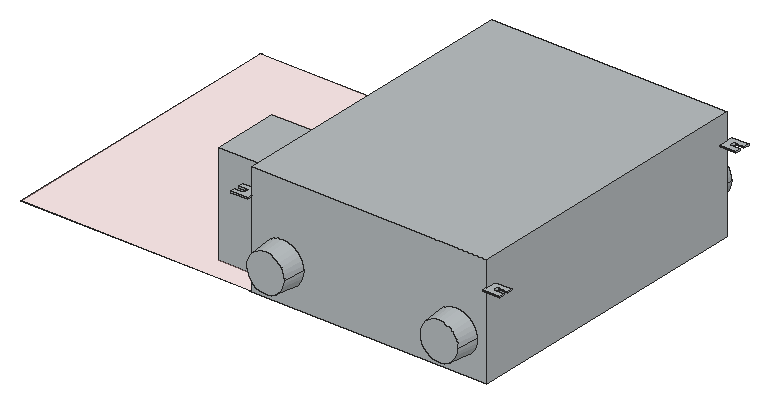
Revit family "3DCAD_LGH-15_100RVX3-E", category 機械設備, Revit 2018
Family settings
  丸型コネクタ寸法 = 直径を使用
  パーツ タイプ = 標準
  OmniClass 番号 = 23.75.00.00
  OmniClass タイトル = Climate Control (HVAC)
  作業面ベース = いいえ
  常に垂直 = はい
  ロード時にボイドで切り取り = いいえ
  共有 = いいえ
  部屋計算ポイント = いいえ
Parameters (values of type "LGH-15RVX3-E_50Hz")
  説明 = "LOSSNAY"
  製造元 = "Mitsubishi Electric Corporation"
  モデル = "LGH-15RVX3-E"
  W = 610 mm
  Upper Unit-LEG Distance = 65 mm
  Weight = 20.00 kg
  URL = "http://global.mitsubishielectric.com/"
  Space View = yes
  Mounting pitch 1 = 658 mm
  Mounting pitch 2 = 768 mm
  Hertz = 50.0 Hz
  H = 289 mm
  Electrical power supply = "220-240 V"
  Distance of Center Height and Air pipes = 50 mm
  Distance of Air pipes = 450 mm
  D = 780 mm
  Center Height = H / 2  # 144.5 mm
  Box_W = 36.7 mm
  Box_H = 10.7 mm
  Air pipe_diameter 2 = 110 mm
  Air pipe_diameter 1 = 97.5 mm
  Air pipe_Length = 54 mm
Types (14, lengths in mm): name | モデル | W | Upper Unit-LEG Distance | Weight | Mounting pitch 1 | Mounting pitch 2 | Hertz | H | Electrical power supply | Distance of Center Height and Air pipes | Distance of Air pipes | D | Center Height | Box_W | Box_H | Air pipe_diameter 2 | Air pipe_diameter 1 | Air pipe_Length
  LGH-15RVX3-E_50Hz | "LGH-15RVX3-E" | 610 | 65 | 20.00 kg | 658 | 768 | 50.0 Hz | 289 | "220-240 V" | 50 | 450 | 780 | 144.5 | 36.7 | 10.7 | 110 | 97.5 | 54
  LGH-25RVX3-E_50Hz | "LGH-25RVX3-E" | 735 | 65 | 22.00 kg | 782 | 768 | 50.0 Hz | 289 | "220-240 V" | 30 | 530 | 780 | 144.5 | 36.6 | 10.7 | 160 | 142 | 64
  LGH-35RVX3-E_50Hz | "LGH-35RVX3-E" | 874 | 85 | 30.00 kg | 921 | 875 | 50.0 Hz | 331 | "220-240 V" | 55 | 650 | 888 | 165.5 | 70.7 | 54.5 | 160 | 142 | 64
  LGH-50RVX3-E_50Hz | "LGH-50RVX3-E" | 1016 | 85 | 33.00 kg | 1063 | 875 | 50.0 Hz | 331 | "220-240 V" | 30 | 745 | 888 | 165.5 | 70.7 | 54.5 | 208 | 192 | 79
  LGH-65RVX3-E_50Hz | "LGH-65RVX3-E" | 954 | 70 | 41.00 kg | 1001 | 895 | 50.0 Hz | 404 | "220-240 V" | 40 | 692 | 908 | 202 | 53.5 | 86.9 | 208 | 192 | 79
  LGH-80RVX3-E_50Hz | "LGH-80RVX3-E" | 1004 | 77 | 47.00 kg | 1051 | 1131 | 50.0 Hz | 404 | "220-240 V" | 40 | 690 | 1144 | 202 | 109.7 | 96.3 | 258 | 242 | 79
  LGH-100RVX3-E_50Hz | "LGH-100RVX3-E" | 1231 | 77 | 53.00 kg | 1278 | 1131 | 50.0 Hz | 404 | "220-240 V" | 40 | 917 | 1144 | 202 | 109.7 | 96.3 | 258 | 242 | 79
  LGH-15RVX3-E_60Hz | "LGH-15RVX3-E" | 610 | 65 | 20.00 kg | 658 | 768 | 60.0 Hz | 289 | "220 V" | 50 | 450 | 780 | 144.5 | 36.7 | 10.7 | 110 | 97.5 | 54
  LGH-25RVX3-E_60Hz | "LGH-25RVX3-E" | 735 | 65 | 22.00 kg | 782 | 768 | 60.0 Hz | 289 | "220 V" | 30 | 530 | 780 | 144.5 | 36.6 | 10.7 | 160 | 142 | 64
  LGH-35RVX3-E_60Hz | "LGH-35RVX3-E" | 874 | 85 | 30.00 kg | 921 | 875 | 60.0 Hz | 331 | "220 V" | 55 | 650 | 888 | 165.5 | 70.7 | 54.5 | 160 | 142 | 64
  LGH-50RVX3-E_60Hz | "LGH-50RVX3-E" | 1016 | 85 | 33.00 kg | 1063 | 875 | 60.0 Hz | 331 | "220 V" | 30 | 745 | 888 | 165.5 | 70.7 | 54.5 | 208 | 192 | 79
  LGH-65RVX3-E_60Hz | "LGH-65RVX3-E" | 954 | 70 | 41.00 kg | 1001 | 895 | 60.0 Hz | 404 | "220 V" | 40 | 692 | 908 | 202 | 53.5 | 86.9 | 208 | 192 | 79
  LGH-80RVX3-E_60Hz | "LGH-80RVX3-E" | 1004 | 77 | 47.00 kg | 1051 | 1131 | 60.0 Hz | 404 | "220 V" | 40 | 690 | 1144 | 202 | 109.7 | 96.3 | 258 | 242 | 79
  LGH-100RVX3-E_60Hz | "LGH-100RVX3-E" | 1231 | 77 | 53.00 kg | 1278 | 1131 | 60.0 Hz | 404 | "220 V" | 40 | 917 | 1144 | 202 | 109.7 | 96.3 | 258 | 242 | 79
Reference planes
  plane 1 "中心(正面/背面)": y = 0
  plane 2: z = 0
  plane 3 "中心(左/右)": x = 0
  plane 4: x = -305
  plane 5: x = 305
  plane 6: y = 390
  plane 7: y = -390
  plane 8: x = -225
  plane 9: x = 225
  plane 10: z = 289
  plane 11: z = 94.5
  plane 12: z = 144.5
  plane 13: y = 384
  plane 14: y = -384
  plane 15: x = 329
  plane 16: x = -329
  plane 17: z = 224
  plane 18: y = -178.9
  plane 19: y = -353.3
  plane 20: z = 278.3
  plane 21: z = 16.7
  plane 22: x = -905
  plane 23: y = 444
  plane 24: y = -444
  plane 25: x = -420
  plane 26: z = 221
Forms (mm)
  Extrusion 1, solid, material "Plated steel"
    sketch origin (0, 0, 0) x (1, 0, 0) y (0, 1, 0)
      loop
        line (-305, 390) -> (-305, -390) -> (305, -390) -> (305, 390) -> (-305, 390)
    from 0 to 289 <- "H"
  Extrusion 2, solid, material "Service space", visible <- "Space View"
    sketch origin (0, 0, 0) x (1, 0, 0) y (0, 1, 0)
      loop
        line (-905, 390) -> (-905, -390) -> (-305, -390) -> (-305, 390) -> (-905, 390)
    from 0 to -1
  Blend 3, solid, material "Plated steel"
    base sketch origin (0, 0, 0) x (1, 0, 0) y (0, 0, 1)
      loop
        circle (-225, 94.5) r 55
    top sketch origin (0, 0, 0) x (1, 0, 0) y (0, 0, 1)
      loop
        circle (-225, 94.5) r 48.75
    from -390 to -444
  Blend 4, solid, material "Plated steel"
    base sketch origin (0, 0, 0) x (1, 0, 0) y (0, 0, 1)
      loop
        circle (-225, 94.5) r 55
    top sketch origin (0, 0, 0) x (1, 0, 0) y (0, 0, 1)
      loop
        circle (-225, 94.5) r 48.75
    from 390 to 444
  Blend 5, solid, material "Plated steel"
    base sketch origin (0, 0, 0) x (1, 0, 0) y (0, 0, 1)
      loop
        circle (225, 94.5) r 55
    top sketch origin (0, 0, 0) x (1, 0, 0) y (0, 0, 1)
      loop
        circle (225, 94.5) r 48.75
    from -390 to -444
  Blend 6, solid, material "Plated steel"
    base sketch origin (0, 0, 0) x (1, 0, 0) y (0, 0, 1)
      loop
        circle (225, 94.5) r 55
    top sketch origin (0, 0, 0) x (1, 0, 0) y (0, 0, 1)
      loop
        circle (225, 94.5) r 48.75
    from 390 to 444
  Extrusion 7, solid, material "Plated steel"
    sketch origin (0, 0, 0) x (0, 1, 0) y (0, 0, 1)
      loop
        line (-178.9, 278.3) -> (-353.3, 278.3) -> (-353.3, 16.7) -> (-178.9, 16.7) -> (-178.9, 278.3)
    from -420 to -305
  Extrusion 8, solid, material "Plated steel"
    sketch origin (0, 0, 0) x (1, 0, 0) y (0, 1, 0)
      loop
        line (329, -377) -> (349, -377) -> (349, -363.5) -> (305, -363.5) -> (305, -403.5) -> (349, -403.5) -> (349, -390) -> (329, -390)
        arc (329, -390) -> (322.5, -383.5) -> (329, -377) r 6.5
    from 224 to 221
  Extrusion 9, solid, material "Plated steel"
    sketch origin (0, 0, 0) x (1, 0, 0) y (0, 1, 0)
      loop
        line (329, 390.5) -> (349, 390.5) -> (349, 404) -> (305, 404) -> (305, 364) -> (349, 364) -> (349, 377.5) -> (329, 377.5)
        arc (329, 377.5) -> (322.5, 384) -> (329, 390.5) r 6.5
    from 221 to 224
  Extrusion 10, solid, material "Plated steel"
    sketch origin (0, 0, 0) x (-1, 0, 0) y (0, -1, 0)
      loop
        arc (329, 377) -> (322.5, 383.5) -> (329, 390) r 6.5
        line (329, 390) -> (349, 390) -> (349, 403.5) -> (305, 403.5) -> (305, 363.5) -> (349, 363.5) -> (349, 377) -> (329, 377)
    from 224 to 221
  Extrusion 11, solid, material "Plated steel"
    sketch origin (0, 0, 0) x (-1, 0, 0) y (0, -1, 0)
      loop
        arc (329, -390.5) -> (322.5, -384) -> (329, -377.5) r 6.5
        line (329, -377.5) -> (349, -377.5) -> (349, -364) -> (305, -364) -> (305, -404) -> (349, -404) -> (349, -390.5) -> (329, -390.5)
    from 221 to 224
Dimensions and locks
  "W": plane 4 to plane 5
  equal spacing: plane 4, plane 3 "中心(左/右)", plane 5
  "D": plane 6 to plane 7
  equal spacing: plane 6, plane 1 "中心(正面/背面)", plane 7
  "H": plane 10 to level
  equal spacing: plane 10, plane 12, level
  equal spacing: plane 9, plane 3 "中心(左/右)", plane 8
  "Distance of Air pipes": plane 9 to plane 8
  equal spacing: plane 16, plane 3 "中心(左/右)", plane 15
  "Mounting pitch 1": plane 16 to plane 15
  equal spacing: plane 13, plane 1 "中心(正面/背面)", plane 14
  "Mounting pitch 2": plane 13 to plane 14
  "Upper Unit-LEG Distance": plane 10 to plane 17
  "Air pipe_Length": plane 24 to plane 7
  "Air pipe_Length": plane 23 to plane 6
  "Box_W": plane 19 to plane 7
  locked: plane 18 to plane 19 at 174.4
  locked: plane 20 to plane 21 at 261.6
  "Box_H": plane 10 to plane 20
  locked: plane 25 to plane 4 at 115
  locked: plane 22 to plane 4 at 600
  plane 15 to Extrusion 8 sketch curve = 20 mm
  Extrusion 8 sketch curve to Extrusion 8 sketch curve = 40 mm
  locked: plane 17 to plane 26 at 3
  Extrusion 10 sketch curve to Extrusion 10 sketch curve = 40 mm
  Extrusion 10 sketch curve to plane 16 = 20 mm
  "Distance of Center Height and Air pipes": plane 12 to plane 11
  Extrusion 9 sketch curve to Extrusion 9 sketch curve = 40 mm
  plane 15 to Extrusion 9 sketch curve = 20 mm
  Extrusion 11 sketch curve to Extrusion 11 sketch curve = 40 mm
  Extrusion 11 sketch curve to plane 16 = 20 mm
  "Air pipe_diameter 2": diameter of Blend 3 sketch curve
  "Air pipe_diameter 1": diameter of Blend 3 sketch curve
  "Air pipe_diameter 2": diameter of Blend 4 sketch curve
  "Air pipe_diameter 1": diameter of Blend 4 sketch curve
  "Air pipe_diameter 2": diameter of Blend 5 sketch curve
  "Air pipe_diameter 1": diameter of Blend 5 sketch curve
  "Air pipe_diameter 2": diameter of Blend 6 sketch curve
  "Air pipe_diameter 1": diameter of Blend 6 sketch curve
  radius of Extrusion 8 sketch curve = 6.5 mm
  radius of Extrusion 10 sketch curve = 6.5 mm
  radius of Extrusion 9 sketch curve = 6.5 mm
  radius of Extrusion 11 sketch curve = 6.5 mm
  aligned and locked: level to plane 2
  aligned and locked: plane 24 to Blend 4
  aligned and locked: plane 7 to Blend 4
  aligned and locked: plane 23 to Blend 3
  aligned and locked: Blend 3 to plane 6
  aligned and locked: plane 24 to Blend 6
  aligned and locked: plane 7 to Blend 6
  aligned and locked: plane 23 to Blend 5
  aligned and locked: Blend 5 to plane 6
  aligned and locked: plane 20 to Extrusion 7 sketch curve
  aligned and locked: Extrusion 7 sketch curve to plane 18
  aligned and locked: Extrusion 7 sketch curve to plane 21
  aligned and locked: plane 19 to Extrusion 7 sketch curve
  aligned and locked: Extrusion 7 to plane 25
  aligned and locked: plane 4 to Extrusion 7
  aligned and locked: Extrusion 8 sketch curve to plane 5
  aligned and locked: plane 17 to Extrusion 8
  aligned and locked: plane 26 to Extrusion 8
  aligned and locked: plane 17 to Extrusion 9
  aligned and locked: plane 26 to Extrusion 9
  aligned and locked: Extrusion 10 sketch curve to plane 4
  aligned and locked: plane 17 to Extrusion 10
  aligned and locked: plane 26 to Extrusion 10
  aligned and locked: plane 15 to Extrusion 9 sketch curve
  aligned and locked: plane 5 to Extrusion 9 sketch curve
  aligned and locked: plane 4 to Extrusion 11 sketch curve
  aligned and locked: plane 17 to Extrusion 11
  aligned and locked: plane 26 to Extrusion 11
Automatic sketch dimensions
  Extrusion 1 sketch curve to plane 4 = 0 mm
  Extrusion 1 sketch curve to plane 5 = 0 mm
  Extrusion 1 sketch curve to plane 7 = 0 mm
  Extrusion 1 sketch curve to plane 6 = 0 mm
  Extrusion 2 sketch curve to plane 7 = 0 mm
  Extrusion 2 sketch curve to plane 22 = 0 mm
  Extrusion 2 sketch curve to plane 4 = 0 mm
  Extrusion 2 sketch curve to plane 6 = 0 mm
  plane 8 to Blend 3 sketch curve = 0 mm  (x2)
  Blend 3 sketch curve to plane 11 = 0 mm  (x2)
  plane 8 to Blend 4 sketch curve = 0 mm  (x2)
  Blend 4 sketch curve to plane 11 = 0 mm  (x2)
  plane 9 to Blend 5 sketch curve = 0 mm  (x2)
  Blend 5 sketch curve to plane 11 = 0 mm  (x2)
  plane 9 to Blend 6 sketch curve = 0 mm  (x2)
  Blend 6 sketch curve to plane 11 = 0 mm  (x2)
  Extrusion 8 sketch curve to plane 15 = 0 mm
  Extrusion 8 sketch curve to plane 7 = 0 mm
  plane 15 to Extrusion 8 sketch curve = 20 mm
  Extrusion 8 sketch curve to plane 7 = 13.5 mm
  Extrusion 9 sketch curve to plane 13 = 0 mm
  Extrusion 9 sketch curve to plane 15 = 20 mm
  Extrusion 9 sketch curve to plane 6 = 14 mm
  Extrusion 10 sketch curve to plane 16 = 0 mm
  Extrusion 10 sketch curve to plane 7 = 0 mm
  plane 16 to Extrusion 10 sketch curve = 20 mm
  plane 7 to Extrusion 10 sketch curve = 13.5 mm
  Extrusion 11 sketch curve to plane 16 = 0 mm
  Extrusion 11 sketch curve to plane 13 = 0 mm
  Extrusion 11 sketch curve to plane 16 = 20 mm
  plane 6 to Extrusion 11 sketch curve = 14 mm
Connectors
  hvac at (-225, -444, 94.5), driven by "Air pipe_diameter 1"
    settings: on Blend 4, index 1, duct flow 0.0 L/s, flow factor 0, pres drop 0.0 Pa, loss coef 0, conn angle 0.00°, conn width 304.8 mm, conn height 304.8 mm, conn diameter 97.5 mm, duct sys type 1, conn prof type 0, flow config 0, flow direction 2, loss method 4, conn ref index -1, conn util no, is conn primary yes, conn desc ""
  hvac at (225, -444, 94.5), driven by "Air pipe_diameter 1"
    settings: on Blend 6, index 2, duct flow 0.0 L/s, flow factor 0, pres drop 0.0 Pa, loss coef 0, conn angle 0.00°, conn width 304.8 mm, conn height 304.8 mm, conn diameter 97.5 mm, duct sys type 2, conn prof type 0, flow config 0, flow direction 1, loss method 4, conn ref index -1, conn util no, is conn primary no, conn desc ""
  hvac at (225, 444, 94.5), driven by "Air pipe_diameter 1"
    settings: on Blend 5, index 3, duct flow 0.0 L/s, flow factor 0, pres drop 0.0 Pa, loss coef 0, conn angle 0.00°, conn width 304.8 mm, conn height 304.8 mm, conn diameter 97.5 mm, duct sys type 3, conn prof type 0, flow config 0, flow direction 2, loss method 4, conn ref index -1, conn util no, is conn primary no, conn desc ""
  hvac at (-225, 444, 94.5), driven by "Air pipe_diameter 1"
    settings: on Blend 3, index 4, duct flow 0.0 L/s, flow factor 0, pres drop 0.0 Pa, loss coef 0, conn angle 0.00°, conn width 304.8 mm, conn height 304.8 mm, conn diameter 97.5 mm, duct sys type 4, conn prof type 0, flow config 0, flow direction 1, loss method 4, conn ref index -1, conn util no, is conn primary no, conn desc ""
  electrical at (-362.5, -353.3, 147.5)
    settings: on Extrusion 7, index 5, voltage 0 V, apparent load 0 VA, apparent load phase1 0 VA, apparent load phase2 0 VA, apparent load phase3 0 VA, power factor 1, load classification "その他", number of poles 1, system type 30, power factor state 1, is connector primary yes, connector utility no, sub classification motor no, connector description ""
